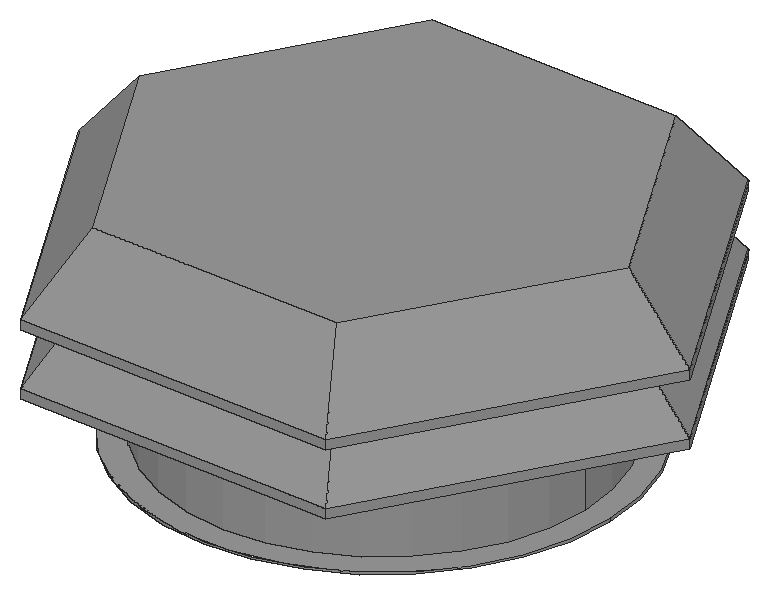
Revit family "Z-AF", category Duct Accessories, Revit 2021
Family settings
  Round Connector Dimension = Use Diameter
  Part Type = Attaches To
  Work Plane-Based = No
  Always vertical = Yes
  Cut with Voids When Loaded = No
  Shared = No
Parameters (values of type "Z-AF-900")
  Width = A  # 1189 mm
  Weight = 57.00 kg
  Load Classification = "HVAC"
  Length = A / (2 * tan(60.00°)) * 2 + a  # 1372.939 mm
  Height = H  # 527 mm
  Diameter = Dy  # 900 mm
  Default Elevation = 0 mm
  Manufacturer = "BLAUBERG"  # constant formula
  h1 = (H - h) / 2  # 158.5 mm
  a1 = A1 / sqrt(3)  # 549.176 mm
  a = A / sqrt(3)  # 686.469 mm
  URL = ""
  H = 527 mm
  Dy = 900 mm
  A1 = A / 1.25  # 951.2 mm
  A = 1189 mm
  h = 210 mm
  Maintenance zone material = none
  Grid Material = Mesh, steel, painted,  RAL 7040
  D2 = 1015 mm
  Dn = Dy + 5 mm  # 905 mm
  Casing Material = Metal, painted, grey, matt RAL 7040
  09_System_Name [instance] = ""
  00_20_Type = "Z-AF-900"
  00_20_Name = "Hood"  # constant formula
  00_20_Manufacturer = "BLAUBERG"  # constant formula
Types (12, lengths in mm): name | Width | Weight | Length | Height | Diameter | h1 | a1 | a | H | Dy | A1 | A | h | D2 | Dn | 00_20_Type
  (no name) | 1189 | 57.00 kg | 1372.939 | 527 | 900 | 158.5 | 549.176 | 686.469 | 527 | 900 | 951.2 | 1189 | 210 | 1015 | 905 | "Z-AF-900"
  Z-AF-400 | 612 | 10.00 kg | 706.677 | 319 | 400 | 84.5 | 282.671 | 353.338 | 319 | 400 | 489.6 | 612 | 150 | 490 | 405 | "Z-AF-400"
  Z-AF-450 | 672 | 11.00 kg | 775.959 | 319 | 450 | 84.5 | 310.384 | 387.979 | 319 | 450 | 537.6 | 672 | 150 | 540 | 455 | "Z-AF-450"
  Z-AF-1250 | 1707 | 115.00 kg | 1971.074 | 685 | 1250 | 200 | 788.43 | 985.537 | 685 | 1250 | 1365.6 | 1707 | 285 | 1400 | 1255 | "Z-AF-1250"
  Z-AF-500 | 742 | 14.00 kg | 856.788 | 350 | 500 | 100 | 342.715 | 428.394 | 350 | 500 | 593.6 | 742 | 150 | 600 | 505 | "Z-AF-500"
  Z-AF-560 | 790 | 16.00 kg | 912.213 | 350 | 560 | 100 | 364.885 | 456.107 | 350 | 560 | 632 | 790 | 150 | 660 | 565 | "Z-AF-560"
  Z-AF-630 | 860 | 20.00 kg | 993.042 | 359 | 630 | 104.5 | 397.217 | 496.521 | 359 | 630 | 688 | 860 | 150 | 730 | 635 | "Z-AF-630"
  Z-AF-710 | 988 | 31.00 kg | 1140.844 | 420 | 710 | 135 | 456.338 | 570.422 | 420 | 710 | 790.4 | 988 | 150 | 810 | 715 | "Z-AF-710"
  Z-AF-800 | 1072 | 42.00 kg | 1237.839 | 475 | 800 | 142.5 | 495.136 | 618.919 | 475 | 800 | 857.6 | 1072 | 190 | 900 | 805 | "Z-AF-800"
  Z-AF-900 | 1189 | 57.00 kg | 1372.939 | 527 | 900 | 158.5 | 549.176 | 686.469 | 527 | 900 | 951.2 | 1189 | 210 | 1015 | 905 | "Z-AF-900"
  Z-AF-1000 | 1404 | 83.00 kg | 1621.2 | 640 | 1000 | 200 | 648.48 | 810.6 | 640 | 1000 | 1123.2 | 1404 | 240 | 1115 | 1005 | "Z-AF-1000"
  Z-AF-1120 | 1552 | 99.00 kg | 1792.095 | 655 | 1120 | 200 | 716.838 | 896.048 | 655 | 1120 | 1241.6 | 1552 | 255 | 1270 | 1125 | "Z-AF-1120"
Reference planes
  plane 1 "По центру (Вперед/Назад)": y = 0
  plane 2: z = 0
  plane 3 "По центру (Влево/Вправо)": x = 0
  plane 4: z = 527
Forms (mm)
  Extrusion 1, solid, material "Metal, painted, grey, matt RAL 7040" <- "Casing Material"
    sketch origin (0, 0, 0) x (1, 0, 0) y (0, 1, 0)
      loop
        circle (0, 0) r 450
      loop
        circle (0, 0) r 507.5
    from 0 to 5
  Extrusion 2, solid, material "Metal, painted, grey, matt RAL 7040" <- "Casing Material"
    sketch origin (0, 0, 0) x (1, 0, 0) y (0, 1, 0)
      loop
        circle (0, 0) r 450
      loop
        circle (0, 0) r 452.5
    from 5 to 205
  Extrusion 3, solid, material "Metal, painted, grey, matt RAL 7040" <- "Casing Material"
    sketch origin (0, 0, 0) x (1, 0, 0) y (0, 1, 0)
      loop
        circle (0, 0) r 450
      loop
        circle (0, 0) r 507.5
    from 205 to 210
  Extrusion 4, solid, material "Mesh, steel, painted,  RAL 7040" <- "Grid Material"
    sketch origin (0, 0, 0) x (1, 0, 0) y (0, 1, 0)
      loop
        line (686.469, 0) -> (343.235, 594.5) -> (-343.235, 594.5) -> (-686.469, 0) -> (-343.235, -594.5) -> (343.235, -594.5) -> (686.469, 0)
      loop
        circle (0, 0) r 450
    from 210 to 230
  Blend 5, solid, material "Metal, painted, grey, matt RAL 7040" <- "Casing Material"
    base sketch origin (0, 0, 0) x (1, 0, 0) y (0, 1, 0)
      loop
        line (-343.235, 594.5) -> (-686.469, 0) -> (-343.235, -594.5) -> (343.235, -594.5) -> (686.469, 0) -> (343.235, 594.5) -> (-343.235, 594.5)
    top sketch origin (0, 0, 0) x (1, 0, 0) y (0, 1, 0)
      loop
        line (-274.588, 475.6) -> (-549.176, 0) -> (-274.588, -475.6) -> (274.588, -475.6) -> (549.176, 0) -> (274.588, 475.6) -> (-274.588, 475.6)
    from 230 to 388.5
  Blend 6, solid, material "Metal, painted, grey, matt RAL 7040" <- "Casing Material"
    base sketch origin (0, 0, 0) x (1, 0, 0) y (0, 1, 0)
      loop
        line (-343.235, 594.5) -> (-686.469, 0) -> (-343.235, -594.5) -> (343.235, -594.5) -> (686.469, 0) -> (343.235, 594.5) -> (-343.235, 594.5)
    top sketch origin (0, 0, 0) x (1, 0, 0) y (0, 1, 0)
      loop
        line (-274.588, 475.6) -> (-549.176, 0) -> (-274.588, -475.6) -> (274.588, -475.6) -> (549.176, 0) -> (274.588, 475.6) -> (-274.588, 475.6)
    from 368.5 to 527
  Extrusion 7, solid, material "Mesh, steel, painted,  RAL 7040" <- "Grid Material"
    sketch origin (0, 0, 0) x (1, 0, 0) y (0, 1, 0)
      loop
        line (343.235, -594.5) -> (686.469, 0) -> (343.235, 594.5) -> (-343.235, 594.5) -> (-686.469, 0) -> (-343.235, -594.5) -> (343.235, -594.5)
    from 348.5 to 368.5
Dimensions and locks
  locked: level to Extrusion 1 at 5
  locked: Extrusion 3 to Extrusion 3 at 5
  "h": level to Extrusion 3
  equal spacing: Extrusion 4 sketch curve, plane 3 "По центру (Влево/Вправо)", Extrusion 4 sketch curve  (x2)
  "a": Extrusion 4 sketch curve to Extrusion 4 sketch curve  (x2)
  "A": Extrusion 4 sketch curve to Extrusion 4 sketch curve
  equal spacing: Extrusion 4 sketch curve, plane 1 "По центру (Вперед/Назад)", Extrusion 4 sketch curve
  locked: Extrusion 4 to Extrusion 4 at 20
  "A": Blend 5 sketch curve to Blend 5 sketch curve
  "a": Blend 5 sketch curve to Blend 5 sketch curve  (x2)
  equal spacing: Blend 5 sketch curve, plane 3 "По центру (Влево/Вправо)", Blend 5 sketch curve  (x4)
  equal spacing: Blend 5 sketch curve, plane 1 "По центру (Вперед/Назад)", Blend 5 sketch curve  (x2)
  "A1": Blend 5 sketch curve to Blend 5 sketch curve
  "a1": Blend 5 sketch curve to Blend 5 sketch curve  (x2)
  "h1": Blend 5 to Blend 5
  equal spacing: Blend 6 sketch curve, plane 1 "По центру (Вперед/Назад)", Blend 6 sketch curve  (x2)
  "A": Blend 6 sketch curve to Blend 6 sketch curve
  equal spacing: Blend 6 sketch curve, plane 3 "По центру (Влево/Вправо)", Blend 6 sketch curve  (x4)
  "a": Blend 6 sketch curve to Blend 6 sketch curve  (x2)
  "A1": Blend 6 sketch curve to Blend 6 sketch curve
  "a1": Blend 6 sketch curve to Blend 6 sketch curve  (x2)
  "H": level to plane 4
  "h1": Blend 6 to Blend 6
  equal spacing: Extrusion 7 sketch curve, plane 3 "По центру (Влево/Вправо)", Extrusion 7 sketch curve  (x2)
  "a": Extrusion 7 sketch curve to Extrusion 7 sketch curve  (x2)
  equal spacing: Extrusion 7 sketch curve, plane 1 "По центру (Вперед/Назад)", Extrusion 7 sketch curve
  "A": Extrusion 7 sketch curve to Extrusion 7 sketch curve
  locked: Extrusion 7 to Extrusion 7 at 20
  "Dy": diameter of Extrusion 1 sketch curve
  "D2": diameter of Extrusion 1 sketch curve
  "Dn": diameter of Extrusion 2 sketch curve
  "Dy": diameter of Extrusion 2 sketch curve
  "D2": diameter of Extrusion 3 sketch curve
  "Dy": diameter of Extrusion 3 sketch curve
  "Dy": diameter of Extrusion 4 sketch curve
  locked: Extrusion 4 sketch curve to Extrusion 4 sketch curve (angle 120.00°)  (x4)
  locked: Extrusion 4 to Extrusion 4 (angle 120.00°)  (x6)
  locked: Blend 5 sketch curve to Blend 5 sketch curve (angle 120.00°)  (x9)
  locked: Blend 6 sketch curve to Blend 6 sketch curve (angle 120.00°)  (x8)
  locked: Extrusion 7 sketch curve to Extrusion 7 sketch curve (angle 120.00°)  (x4)
  aligned and locked: level to plane 2
  aligned and locked: Extrusion 2 to Extrusion 3
  aligned and locked: Extrusion 4 to Extrusion 3
  aligned and locked: Blend 5 to Extrusion 4
  aligned and locked: Blend 6 to plane 4
  aligned and locked: Extrusion 7 to Blend 6
Automatic sketch dimensions
  Extrusion 1 sketch curve to Extrusion 1 sketch curve = 0 mm  (x2)
  plane 1 "По центру (Вперед/Назад)" to Extrusion 1 sketch curve = 0 mm
  Extrusion 1 sketch curve to plane 3 "По центру (Влево/Вправо)" = 0 mm
  Extrusion 2 sketch curve to Extrusion 2 sketch curve = 0 mm  (x2)
  plane 1 "По центру (Вперед/Назад)" to Extrusion 2 sketch curve = 0 mm
  Extrusion 2 sketch curve to plane 3 "По центру (Влево/Вправо)" = 0 mm
  Extrusion 3 sketch curve to Extrusion 3 sketch curve = 0 mm  (x2)
  plane 1 "По центру (Вперед/Назад)" to Extrusion 3 sketch curve = 0 mm
  Extrusion 3 sketch curve to plane 3 "По центру (Влево/Вправо)" = 0 mm
  plane 1 "По центру (Вперед/Назад)" to Extrusion 4 sketch curve = 0 mm
  Extrusion 4 sketch curve to plane 3 "По центру (Влево/Вправо)" = 0 mm
